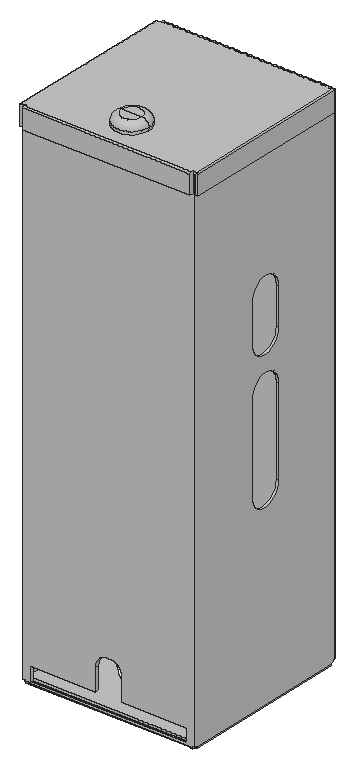
Revit family "rba-bim-B27313", category Specialty Equipment, Revit 2018
Family settings
  Round Connector Dimension = Use Diameter
  Part Type = Normal
  Work Plane-Based = No
  Always vertical = Yes
  Cut with Voids When Loaded = No
  Shared = Yes
  Room Calculation Point = No
Parameters (values of type "B27313")
  URL = "www.rba.com.au"
  Type Comments = ""
  Product Page URL = ""
  Product Name = ""
  Modified Issue = "20211015.01"
  Model = "B-27313"
  Materials and Finishes = Stainless Steel Satin Finish
  Manufacturer = "Bobrick Washroom Equipment, Inc."
  Description = "Triple Toilet Roll Holder"
  Copyright by = "RBA Group"  # constant formula
  Assembly Code = ""
Reference planes
  plane 1 "Center (Front/Back)": y = 0
  plane 2: z = 0
  plane 3 "Center (Left/Right)": x = 0
Forms (mm)
  Extrusion 1, solid, material "Stainless Steel Satin Finish" <- "Materials and Finishes"
    sketch origin (0, 0, 40) x (0, 1, 0) y (0, 0, 1)
      loop
        line (-3, 338) -> (-129, 338)
        arc (-129, 338) -> (-129.707, 337.707) -> (-130, 337) r 1
        line (-130, 337) -> (-130, 323) -> (-128, 323) -> (-128, 336) -> (-3, 336) -> (-3, 338)
    from -61 to 61
  Extrusion 2, solid, material "Stainless Steel Satin Finish" <- "Materials and Finishes"
    sketch origin (65, -67, 40) x (1, 0, 0) y (0, 0, 1)
      loop
        line (-126, 338) -> (-129, 338)
        arc (-129, 338) -> (-129.707, 337.707) -> (-130, 337) r 1
        line (-130, 337) -> (-130, 323) -> (-128, 323) -> (-128, 336) -> (-126, 336) -> (-126, 338)
    from -63 to 61
  Extrusion 3, solid, material "Stainless Steel Satin Finish" <- "Materials and Finishes"
    sketch origin (-65, -67, 40) x (-1, 0, 0) y (0, 0, -1)
      loop
        line (-126, -338) -> (-126, -336) -> (-128, -336) -> (-128, -323) -> (-130, -323) -> (-130, -337)
        arc (-130, -337) -> (-129.707, -337.707) -> (-129, -338) r 1
        line (-129, -338) -> (-126, -338)
    from -63 to 61
  Extrusion 4, solid, material "Stainless Steel Satin Finish" <- "Materials and Finishes"
    sketch origin (0, 0, 2) x (1, 0, 0) y (0, 1, 0)
      loop
        line (-63, -2) -> (-63, -128) -> (63, -128) -> (63, -2) -> (61, -2) -> (61, -126) -> (-61, -126) -> (-61, -2) -> (-63, -2)
    from 0 to 374
  Extrusion 5, solid, material "Stainless Steel Satin Finish" <- "Materials and Finishes"
    sketch origin (0, 0, 2) x (1, 0, 0) y (0, 1, 0)
      loop
        line (-63, -2) -> (-63, -128) -> (63, -128) -> (63, -2) -> (-63, -2)
    from 0 to 2
  Extrusion 6, solid, material "Stainless Steel Satin Finish" <- "Materials and Finishes"
    sketch origin (-275, -130, 331) x (0, -1, 0) y (1, 0, 0)
      loop
        line (-126, 338) -> (-129, 338)
        arc (-129, 338) -> (-129.707, 337.707) -> (-130, 337) r 1
        line (-130, 337) -> (-130, 323) -> (-128, 323) -> (-128, 336) -> (-126, 336) -> (-126, 338)
    from -327 to 45
  Extrusion 7, solid, material "Stainless Steel Satin Finish" <- "Materials and Finishes"
    sketch origin (0, 2, 0) x (1, 0, 0) y (0, 1, 0)
      loop
        line (-61, -4) -> (-61, -6) -> (61, -6) -> (61, -4) -> (-61, -4)
    from 2 to 376
  Extrusion 8, solid, material "Stainless Steel Satin Finish" <- "Materials and Finishes"
    sketch origin (275, -130, 331) x (0, -1, 0) y (1, 0, 0)
      loop
        line (-126, -338) -> (-126, -336) -> (-128, -336) -> (-128, -323) -> (-130, -323) -> (-130, -337)
        arc (-130, -337) -> (-129.707, -337.707) -> (-129, -338) r 1
        line (-129, -338) -> (-126, -338)
    from -327 to 45
  Extrusion 9, solid, material "Stainless Steel Satin Finish" <- "Materials and Finishes"
    sketch origin (0, 0, 41) x (0, 1, 0) y (0, 0, 1)
      loop
        arc (-2, 336) -> (-3, 337) -> (-4, 336) r 1
        line (-4, 336) -> (-4, 335) -> (-2, 335) -> (-2, 336)
    from -61 to 61
  Extrusion 10, void
    sketch origin (0, -100, 41) x (1, 0, 0) y (0, 1, 0)
      loop
        line (-6.75, 96) -> (-6.75, 98) -> (-11.25, 98) -> (-11.25, 96) -> (-6.75, 96)
      loop
        line (-15.75, 98) -> (-20.25, 98) -> (-20.25, 96) -> (-15.75, 96) -> (-15.75, 98)
      loop
        line (-24.75, 98) -> (-29.25, 98) -> (-29.25, 96) -> (-24.75, 96) -> (-24.75, 98)
      loop
        line (-33.75, 98) -> (-38.25, 98) -> (-38.25, 96) -> (-33.75, 96) -> (-33.75, 98)
      loop
        line (-42.75, 98) -> (-47.25, 98) -> (-47.25, 96) -> (-42.75, 96) -> (-42.75, 98)
      loop
        line (-51.75, 98) -> (-56.25, 98) -> (-56.25, 96) -> (-51.75, 96) -> (-51.75, 98)
      loop
        line (56.25, 98) -> (51.75, 98) -> (51.75, 96) -> (56.25, 96) -> (56.25, 98)
      loop
        line (-2.25, 96) -> (2.25, 96) -> (2.25, 98) -> (-2.25, 98) -> (-2.25, 96)
      loop
        line (6.75, 98) -> (6.75, 96) -> (11.25, 96) -> (11.25, 98) -> (6.75, 98)
      loop
        line (15.75, 98) -> (15.75, 96) -> (20.25, 96) -> (20.25, 98) -> (15.75, 98)
      loop
        line (24.75, 98) -> (24.75, 96) -> (29.25, 96) -> (29.25, 98) -> (24.75, 98)
      loop
        line (33.75, 98) -> (33.75, 96) -> (38.25, 96) -> (38.25, 98) -> (33.75, 98)
      loop
        line (42.75, 98) -> (42.75, 96) -> (47.25, 96) -> (47.25, 98) -> (42.75, 98)
    from 334.838 to 337.278
  Extrusion 11, solid, material "Stainless Steel Satin Finish" <- "Materials and Finishes"
    sketch origin (0, 0, 41) x (0, 1, 0) y (0, 0, 1)
      loop
        circle (-3, 336) r 1
    from -61 to 61
  Extrusion 12, void
    sketch origin (0, -100, 41) x (1, 0, 0) y (0, 1, 0)
      loop
        line (-11.15, 96) -> (-11.15, 98) -> (-15.85, 98) -> (-15.85, 96) -> (-11.15, 96)
      loop
        line (-60.85, 98) -> (-60.85, 96) -> (-56.15, 96) -> (-56.15, 98) -> (-60.85, 98)
      loop
        line (-51.85, 98) -> (-51.85, 96) -> (-47.15, 96) -> (-47.15, 98) -> (-51.85, 98)
      loop
        line (-42.85, 98) -> (-42.85, 96) -> (-38.15, 96) -> (-38.15, 98) -> (-42.85, 98)
      loop
        line (-33.85, 98) -> (-33.85, 96) -> (-29.15, 96) -> (-29.15, 98) -> (-33.85, 98)
      loop
        line (-24.85, 98) -> (-24.85, 96) -> (-20.15, 96) -> (-20.15, 98) -> (-24.85, 98)
      loop
        line (-6.85, 96) -> (-2.15, 96) -> (-2.15, 98) -> (-6.85, 98) -> (-6.85, 96)
      loop
        line (2.15, 96) -> (6.85, 96) -> (6.85, 98) -> (2.15, 98) -> (2.15, 96)
      loop
        line (51.85, 98) -> (47.15, 98) -> (47.15, 96) -> (51.85, 96) -> (51.85, 98)
      loop
        line (42.85, 98) -> (38.15, 98) -> (38.15, 96) -> (42.85, 96) -> (42.85, 98)
      loop
        line (33.85, 98) -> (29.15, 98) -> (29.15, 96) -> (33.85, 96) -> (33.85, 98)
      loop
        line (24.85, 98) -> (20.15, 98) -> (20.15, 96) -> (24.85, 96) -> (24.85, 98)
      loop
        line (15.85, 98) -> (11.15, 98) -> (11.15, 96) -> (15.85, 96) -> (15.85, 98)
      loop
        line (60.85, 98) -> (56.15, 98) -> (56.15, 96) -> (60.85, 96) -> (60.85, 98)
    from 334.838 to 337.278
  Extrusion 13, solid, material "Stainless Steel Satin Finish" <- "Materials and Finishes"
    sketch origin (275, -67, 130) x (0, 0, 1) y (-1, 0, 0)
      loop
        line (-126, 338) -> (-129, 338)
        arc (-129, 338) -> (-129.707, 337.707) -> (-130, 337) r 1
        line (-130, 337) -> (-130, 323) -> (-128, 323) -> (-128, 336) -> (-126, 336) -> (-126, 338)
    from -63 to 59
  Extrusion 14, solid, material "Stainless Steel Satin Finish" <- "Materials and Finishes"
    sketch origin (-275, -67, 130) x (0, 0, 1) y (-1, 0, 0)
      loop
        line (-126, -338) -> (-126, -336) -> (-128, -336) -> (-128, -323) -> (-130, -323) -> (-130, -337)
        arc (-130, -337) -> (-129.707, -337.707) -> (-129, -338) r 1
        line (-129, -338) -> (-126, -338)
    from -63 to 59
  Extrusion 15, solid, material "Stainless Steel Satin Finish" <- "Materials and Finishes"
    sketch origin (0, 2, 338) x (0, 1, 0) y (0, 0, 1)
      loop
        line (-115, -338) -> (-115, -336) -> (-128, -336) -> (-128, -334) -> (-130, -334) -> (-130, -337)
        arc (-130, -337) -> (-129.707, -337.707) -> (-129, -338) r 1
        line (-129, -338) -> (-115, -338)
    from -61 to 61
  Extrusion 16, void
    sketch origin (0, 0, 0) x (1, 0, 0) y (0, 0, 1)
      loop
        line (-9.525, 28.575) -> (-9.525, 12.7) -> (-57.15, 12.7) -> (-57.15, 2.381) -> (57.15, 2.381) -> (57.15, 12.7) -> (9.525, 12.7) -> (9.525, 28.575)
        arc (9.525, 28.575) -> (0, 38.1) -> (-9.525, 28.575) r 9.525
    from 126 to 128
  Extrusion 17, void
    sketch origin (0, 0, 0) x (0, 1, 0) y (0, 0, 1)
      loop
        arc (-51.3, 269.875) -> (-64, 282.575) -> (-76.7, 269.875) r 12.7
        line (-76.7, 269.875) -> (-76.7, 242.887)
        arc (-76.7, 242.887) -> (-64, 230.187) -> (-51.3, 242.887) r 12.7
        line (-51.3, 242.887) -> (-51.3, 269.875)
      loop
        arc (-51.3, 206.375) -> (-64, 219.075) -> (-76.7, 206.375) r 12.7
        line (-76.7, 206.375) -> (-76.7, 142.875)
        arc (-76.7, 142.875) -> (-64, 130.175) -> (-51.3, 142.875) r 12.7
        line (-51.3, 142.875) -> (-51.3, 206.375)
    from -63 to 63
  Extrusion 18, void
    sketch origin (0, 0, 0) x (1, 0, 0) y (0, 1, 0)
      loop
        circle (0, -65) r 35
    from 2 to 4
  Revolve 19, solid, material "Stainless Steel Satin Finish" <- "Materials and Finishes"
    sketch origin (-24.85, -106.95, 0) x (1, 0, 0) y (0, 0, 1)
      loop
        line (24.85, 378) -> (24.85, 385) -> (17.35, 385)
        arc (17.35, 385) -> (13.814, 383.536) -> (12.35, 380) r 5
        line (12.35, 380) -> (12.35, 378) -> (24.85, 378)
      axis (24.85, 385) -> (24.85, 378)
    angle from 0 to 360
Cuts and joins
  Extrusion 16, Extrusion 17, Extrusion 18 cuts Extrusion 4
  Extrusion 16, Extrusion 17, Extrusion 18 cuts Extrusion 5
  Extrusion 16, Extrusion 17, Extrusion 18 cuts Extrusion 6
  Extrusion 16, Extrusion 17, Extrusion 18 cuts Extrusion 7
  Extrusion 10, Extrusion 16, Extrusion 17, Extrusion 18 cuts Extrusion 9
  Extrusion 16, Extrusion 17, Extrusion 18 cuts Extrusion 13
  Extrusion 16, Extrusion 17, Extrusion 18 cuts Extrusion 14
  Extrusion 16, Extrusion 17, Extrusion 18 cuts Extrusion 15
  joined: Extrusion 4, Extrusion 5, Extrusion 6, Extrusion 7, Extrusion 9, Extrusion 13, Extrusion 14, Extrusion 15
  Extrusion 12 cuts Extrusion 11
  joined: Extrusion 1, Extrusion 2, Extrusion 3, Extrusion 11
  Extrusion 16 cuts Extrusion 8
Lines and regions (mm)
  model lines, style "Shower Curtain Rod"
    curve 1: line (-40.005, -126, 0) -> (-40.005, -4, 0)
Dimensions and locks
  aligned and locked: level to plane 2
